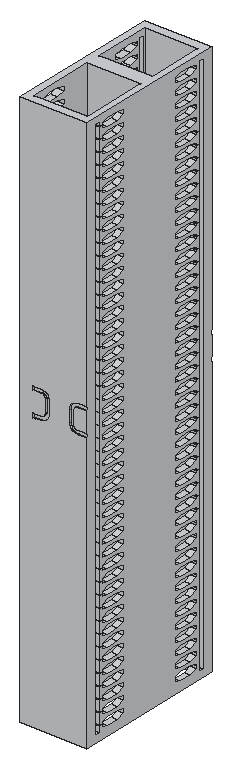
Revit family
Parameters
  Material ID = "760089367\r\n"
  Description = "Vertical Cable Management Kit, 10in X 84in (254mm X 2134mm) Double Sided, With Doors, Black"
Reference planes (in)
  plane 1 "Center (Front/Back)": y = 0
  plane 2: z = 0
  plane 3 "Center (Left/Right)": x = 0
Forms (in)
  Extrusion 1, void, not visible
    sketch origin (0, 0, 0) x (1, 0, 0) y (0, 0, 1)
      loop
        line (-7.85662, 0.48089) -> (-7.85662, -0.39002) -> (-7.67285, -0.39002) -> (-7.67285, -0.64002) -> (-7.0736, -0.64002) -> (-7.0736, -0.39002) -> (-6.92978, -0.39002) -> (-6.92978, 0.48089) -> (-7.85662, 0.48089)
    from -3.79215 to 12
  Extrusion 2, void, not visible
    sketch origin (0, 0, 0) x (1, 0, 0) y (0, 0, 1)
      loop
        line (-8.21397, 0.42583) -> (-8.21397, -0.07417) -> (-8.08657, -0.07417) -> (-8.08657, -0.27417) -> (-7.83657, -0.27417) -> (-7.83657, -0.07417) -> (-7.72497, -0.07417) -> (-7.72497, 0.42583) -> (-8.21397, 0.42583)
    from 0.74059 to 3.34334
  Extrusion 3, solid
    sketch origin (0, 0, 0) x (1, 0, 0) y (0, 0, 1)
      loop
        line (-6, 42) -> (-6, -42) -> (4, -42) -> (4, 42) -> (-6, 42)
    from 0 to 23.5
  Extrusion 4, void
    sketch origin (-5.59283, 0, 42) x (0, 1, 0) y (1, 0, 0)
      loop
        line (-1.5, 0.69283) -> (-1.5, 8.74283) -> (-10, 8.74283) -> (-10, 0.69283) -> (-1.5, 0.69283)
      loop
        line (-12.25, 0.69283) -> (-12.25, 8.74283) -> (-22.25, 8.74283) -> (-22.25, 0.69283) -> (-12.25, 0.69283)
    from 0 to 110
  Extrusion 5, void
    sketch origin (4, 0, 20.63333) x (0, 0, 1) y (0, 1, 0)
      loop
        line (-61.63333, -2.51) -> (20.53667, -2.51) -> (20.53667, -1.54) -> (-61.63333, -1.54) -> (-61.63333, -2.51)
      loop
        line (-61.63333, -20.99) -> (-61.63333, -21.96) -> (20.53667, -21.96) -> (20.53667, -20.99) -> (-61.63333, -20.99)
    from 0 to 12
  Extrusion 6, void
    sketch origin (4, 0, 20.63333) x (0, 0, 1) y (0, 1, 0)
      loop
        line (20.18661, -6.98) -> (20.53667, -5.835) -> (20.53667, -4.905) -> (20.53667, -3.975) -> (20.18661, -2.83) -> (19.91167, -2.83) -> (19.91167, -2.2587) -> (19.81167, -2.2587) -> (19.81167, -2.83) -> (19.53673, -2.83) -> (19.18667, -3.975) -> (19.18667, -5.835) -> (19.53673, -6.98) -> (20.18661, -6.98)
      loop
        line (18.43661, -6.98) -> (18.78667, -5.835) -> (18.78667, -4.905) -> (18.78667, -3.975) -> (18.43661, -2.83) -> (18.16167, -2.83) -> (18.16167, -2.2587) -> (18.06167, -2.2587) -> (18.06167, -2.83) -> (17.78673, -2.83) -> (17.43667, -3.975) -> (17.43667, -5.835) -> (17.78673, -6.98) -> (18.43661, -6.98)
      loop
        line (16.68661, -6.98) -> (17.03667, -5.835) -> (17.03667, -4.905) -> (17.03667, -3.975) -> (16.68661, -2.83) -> (16.41167, -2.83) -> (16.41167, -2.2587) -> (16.31167, -2.2587) -> (16.31167, -2.83) -> (16.03673, -2.83) -> (15.68667, -3.975) -> (15.68667, -5.835) -> (16.03673, -6.98) -> (16.68661, -6.98)
      loop
        line (14.93661, -6.98) -> (15.28667, -5.835) -> (15.28667, -4.905) -> (15.28667, -3.975) -> (14.93661, -2.83) -> (14.66167, -2.83) -> (14.66167, -2.2587) -> (14.56167, -2.2587) -> (14.56167, -2.83) -> (14.28673, -2.83) -> (13.93667, -3.975) -> (13.93667, -5.835) -> (14.28673, -6.98) -> (14.93661, -6.98)
      loop
        line (13.18661, -6.98) -> (13.53667, -5.835) -> (13.53667, -4.905) -> (13.53667, -3.975) -> (13.18661, -2.83) -> (12.91167, -2.83) -> (12.91167, -2.2587) -> (12.81167, -2.2587) -> (12.81167, -2.83) -> (12.53673, -2.83) -> (12.18667, -3.975) -> (12.18667, -5.835) -> (12.53673, -6.98) -> (13.18661, -6.98)
      loop
        line (11.43661, -6.98) -> (11.78667, -5.835) -> (11.78667, -4.905) -> (11.78667, -3.975) -> (11.43661, -2.83) -> (11.16167, -2.83) -> (11.16167, -2.2587) -> (11.06167, -2.2587) -> (11.06167, -2.83) -> (10.78673, -2.83) -> (10.43667, -3.975) -> (10.43667, -5.835) -> (10.78673, -6.98) -> (11.43661, -6.98)
      loop
        line (9.68661, -6.98) -> (10.03667, -5.835) -> (10.03667, -4.905) -> (10.03667, -3.975) -> (9.68661, -2.83) -> (9.41167, -2.83) -> (9.41167, -2.2587) -> (9.31167, -2.2587) -> (9.31167, -2.83) -> (9.03673, -2.83) -> (8.68667, -3.975) -> (8.68667, -5.835) -> (9.03673, -6.98) -> (9.68661, -6.98)
      loop
        line (7.93661, -6.98) -> (8.28667, -5.835) -> (8.28667, -4.905) -> (8.28667, -3.975) -> (7.93661, -2.83) -> (7.66167, -2.83) -> (7.66167, -2.2587) -> (7.56167, -2.2587) -> (7.56167, -2.83) -> (7.28673, -2.83) -> (6.93667, -3.975) -> (6.93667, -5.835) -> (7.28673, -6.98) -> (7.93661, -6.98)
      loop
        line (6.18661, -6.98) -> (6.53667, -5.835) -> (6.53667, -4.905) -> (6.53667, -3.975) -> (6.18661, -2.83) -> (5.91167, -2.83) -> (5.91167, -2.2587) -> (5.81167, -2.2587) -> (5.81167, -2.83) -> (5.53673, -2.83) -> (5.18667, -3.975) -> (5.18667, -5.835) -> (5.53673, -6.98) -> (6.18661, -6.98)
      loop
        line (4.43661, -6.98) -> (4.78667, -5.835) -> (4.78667, -4.905) -> (4.78667, -3.975) -> (4.43661, -2.83) -> (4.16167, -2.83) -> (4.16167, -2.2587) -> (4.06167, -2.2587) -> (4.06167, -2.83) -> (3.78673, -2.83) -> (3.43667, -3.975) -> (3.43667, -5.835) -> (3.78673, -6.98) -> (4.43661, -6.98)
      loop
        line (2.68661, -6.98) -> (3.03667, -5.835) -> (3.03667, -4.905) -> (3.03667, -3.975) -> (2.68661, -2.83) -> (2.41167, -2.83) -> (2.41167, -2.2587) -> (2.31167, -2.2587) -> (2.31167, -2.83) -> (2.03673, -2.83) -> (1.68667, -3.975) -> (1.68667, -5.835) -> (2.03673, -6.98) -> (2.68661, -6.98)
      loop
        line (0.93661, -6.98) -> (1.28667, -5.835) -> (1.28667, -4.905) -> (1.28667, -3.975) -> (0.93661, -2.83) -> (0.66167, -2.83) -> (0.66167, -2.2587) -> (0.56167, -2.2587) -> (0.56167, -2.83) -> (0.28673, -2.83) -> (-0.06333, -3.975) -> (-0.06333, -5.835) -> (0.28673, -6.98) -> (0.93661, -6.98)
      loop
        line (-0.81339, -6.98) -> (-0.46333, -5.835) -> (-0.46333, -4.905) -> (-0.46333, -3.975) -> (-0.81339, -2.83) -> (-1.08833, -2.83) -> (-1.08833, -2.2587) -> (-1.18833, -2.2587) -> (-1.18833, -2.83) -> (-1.46327, -2.83) -> (-1.81333, -3.975) -> (-1.81333, -5.835) -> (-1.46327, -6.98) -> (-0.81339, -6.98)
      loop
        line (-2.56339, -6.98) -> (-2.21333, -5.835) -> (-2.21333, -4.905) -> (-2.21333, -3.975) -> (-2.56339, -2.83) -> (-2.83833, -2.83) -> (-2.83833, -2.2587) -> (-2.93833, -2.2587) -> (-2.93833, -2.83) -> (-3.21327, -2.83) -> (-3.56333, -3.975) -> (-3.56333, -5.835) -> (-3.21327, -6.98) -> (-2.56339, -6.98)
      loop
        line (-4.31339, -6.98) -> (-3.96333, -5.835) -> (-3.96333, -4.905) -> (-3.96333, -3.975) -> (-4.31339, -2.83) -> (-4.58833, -2.83) -> (-4.58833, -2.2587) -> (-4.68833, -2.2587) -> (-4.68833, -2.83) -> (-4.96327, -2.83) -> (-5.31333, -3.975) -> (-5.31333, -5.835) -> (-4.96327, -6.98) -> (-4.31339, -6.98)
      loop
        line (-6.06339, -6.98) -> (-5.71333, -5.835) -> (-5.71333, -4.905) -> (-5.71333, -3.975) -> (-6.06339, -2.83) -> (-6.33833, -2.83) -> (-6.33833, -2.2587) -> (-6.43833, -2.2587) -> (-6.43833, -2.83) -> (-6.71327, -2.83) -> (-7.06333, -3.975) -> (-7.06333, -5.835) -> (-6.71327, -6.98) -> (-6.06339, -6.98)
      loop
        line (-7.81339, -6.98) -> (-7.46333, -5.835) -> (-7.46333, -4.905) -> (-7.46333, -3.975) -> (-7.81339, -2.83) -> (-8.08833, -2.83) -> (-8.08833, -2.2587) -> (-8.18833, -2.2587) -> (-8.18833, -2.83) -> (-8.46327, -2.83) -> (-8.81333, -3.975) -> (-8.81333, -5.835) -> (-8.46327, -6.98) -> (-7.81339, -6.98)
      loop
        line (-9.56339, -6.98) -> (-9.21333, -5.835) -> (-9.21333, -4.905) -> (-9.21333, -3.975) -> (-9.56339, -2.83) -> (-9.83833, -2.83) -> (-9.83833, -2.2587) -> (-9.93833, -2.2587) -> (-9.93833, -2.83) -> (-10.21327, -2.83) -> (-10.56333, -3.975) -> (-10.56333, -5.835) -> (-10.21327, -6.98) -> (-9.56339, -6.98)
      loop
        line (-11.31339, -6.98) -> (-10.96333, -5.835) -> (-10.96333, -4.905) -> (-10.96333, -3.975) -> (-11.31339, -2.83) -> (-11.58833, -2.83) -> (-11.58833, -2.2587) -> (-11.68833, -2.2587) -> (-11.68833, -2.83) -> (-11.96327, -2.83) -> (-12.31333, -3.975) -> (-12.31333, -5.835) -> (-11.96327, -6.98) -> (-11.31339, -6.98)
      loop
        line (-13.06339, -6.98) -> (-12.71333, -5.835) -> (-12.71333, -4.905) -> (-12.71333, -3.975) -> (-13.06339, -2.83) -> (-13.33833, -2.83) -> (-13.33833, -2.2587) -> (-13.43833, -2.2587) -> (-13.43833, -2.83) -> (-13.71327, -2.83) -> (-14.06333, -3.975) -> (-14.06333, -5.835) -> (-13.71327, -6.98) -> (-13.06339, -6.98)
      loop
        line (-14.81339, -6.98) -> (-14.46333, -5.835) -> (-14.46333, -4.905) -> (-14.46333, -3.975) -> (-14.81339, -2.83) -> (-15.08833, -2.83) -> (-15.08833, -2.2587) -> (-15.18833, -2.2587) -> (-15.18833, -2.83) -> (-15.46327, -2.83) -> (-15.81333, -3.975) -> (-15.81333, -5.835) -> (-15.46327, -6.98) -> (-14.81339, -6.98)
      loop
        line (-16.56339, -6.98) -> (-16.21333, -5.835) -> (-16.21333, -4.905) -> (-16.21333, -3.975) -> (-16.56339, -2.83) -> (-16.83833, -2.83) -> (-16.83833, -2.2587) -> (-16.93833, -2.2587) -> (-16.93833, -2.83) -> (-17.21327, -2.83) -> (-17.56333, -3.975) -> (-17.56333, -5.835) -> (-17.21327, -6.98) -> (-16.56339, -6.98)
      loop
        line (-18.31339, -6.98) -> (-17.96333, -5.835) -> (-17.96333, -4.905) -> (-17.96333, -3.975) -> (-18.31339, -2.83) -> (-18.58833, -2.83) -> (-18.58833, -2.2587) -> (-18.68833, -2.2587) -> (-18.68833, -2.83) -> (-18.96327, -2.83) -> (-19.31333, -3.975) -> (-19.31333, -5.835) -> (-18.96327, -6.98) -> (-18.31339, -6.98)
      loop
        line (-20.06339, -6.98) -> (-19.71333, -5.835) -> (-19.71333, -4.905) -> (-19.71333, -3.975) -> (-20.06339, -2.83) -> (-20.33833, -2.83) -> (-20.33833, -2.2587) -> (-20.43833, -2.2587) -> (-20.43833, -2.83) -> (-20.71327, -2.83) -> (-21.06333, -3.975) -> (-21.06333, -5.835) -> (-20.71327, -6.98) -> (-20.06339, -6.98)
      loop
        line (-21.81339, -6.98) -> (-21.46333, -5.835) -> (-21.46333, -4.905) -> (-21.46333, -3.975) -> (-21.81339, -2.83) -> (-22.08833, -2.83) -> (-22.08833, -2.2587) -> (-22.18833, -2.2587) -> (-22.18833, -2.83) -> (-22.46327, -2.83) -> (-22.81333, -3.975) -> (-22.81333, -5.835) -> (-22.46327, -6.98) -> (-21.81339, -6.98)
      loop
        line (-23.56339, -6.98) -> (-23.21333, -5.835) -> (-23.21333, -4.905) -> (-23.21333, -3.975) -> (-23.56339, -2.83) -> (-23.83833, -2.83) -> (-23.83833, -2.2587) -> (-23.93833, -2.2587) -> (-23.93833, -2.83) -> (-24.21327, -2.83) -> (-24.56333, -3.975) -> (-24.56333, -5.835) -> (-24.21327, -6.98) -> (-23.56339, -6.98)
      loop
        line (-25.31339, -6.98) -> (-24.96333, -5.835) -> (-24.96333, -4.905) -> (-24.96333, -3.975) -> (-25.31339, -2.83) -> (-25.58833, -2.83) -> (-25.58833, -2.2587) -> (-25.68833, -2.2587) -> (-25.68833, -2.83) -> (-25.96327, -2.83) -> (-26.31333, -3.975) -> (-26.31333, -5.835) -> (-25.96327, -6.98) -> (-25.31339, -6.98)
      loop
        line (-27.06339, -6.98) -> (-26.71333, -5.835) -> (-26.71333, -4.905) -> (-26.71333, -3.975) -> (-27.06339, -2.83) -> (-27.33833, -2.83) -> (-27.33833, -2.2587) -> (-27.43833, -2.2587) -> (-27.43833, -2.83) -> (-27.71327, -2.83) -> (-28.06333, -3.975) -> (-28.06333, -5.835) -> (-27.71327, -6.98) -> (-27.06339, -6.98)
      loop
        line (-28.81339, -6.98) -> (-28.46333, -5.835) -> (-28.46333, -4.905) -> (-28.46333, -3.975) -> (-28.81339, -2.83) -> (-29.08833, -2.83) -> (-29.08833, -2.2587) -> (-29.18833, -2.2587) -> (-29.18833, -2.83) -> (-29.46327, -2.83) -> (-29.81333, -3.975) -> (-29.81333, -5.835) -> (-29.46327, -6.98) -> (-28.81339, -6.98)
      loop
        line (-30.56339, -6.98) -> (-30.21333, -5.835) -> (-30.21333, -4.905) -> (-30.21333, -3.975) -> (-30.56339, -2.83) -> (-30.83833, -2.83) -> (-30.83833, -2.2587) -> (-30.93833, -2.2587) -> (-30.93833, -2.83) -> (-31.21327, -2.83) -> (-31.56333, -3.975) -> (-31.56333, -5.835) -> (-31.21327, -6.98) -> (-30.56339, -6.98)
      loop
        line (-32.31339, -6.98) -> (-31.96333, -5.835) -> (-31.96333, -4.905) -> (-31.96333, -3.975) -> (-32.31339, -2.83) -> (-32.58833, -2.83) -> (-32.58833, -2.2587) -> (-32.68833, -2.2587) -> (-32.68833, -2.83) -> (-32.96327, -2.83) -> (-33.31333, -3.975) -> (-33.31333, -5.835) -> (-32.96327, -6.98) -> (-32.31339, -6.98)
      loop
        line (-34.06339, -6.98) -> (-33.71333, -5.835) -> (-33.71333, -4.905) -> (-33.71333, -3.975) -> (-34.06339, -2.83) -> (-34.33833, -2.83) -> (-34.33833, -2.2587) -> (-34.43833, -2.2587) -> (-34.43833, -2.83) -> (-34.71327, -2.83) -> (-35.06333, -3.975) -> (-35.06333, -5.835) -> (-34.71327, -6.98) -> (-34.06339, -6.98)
      loop
        line (-35.81339, -6.98) -> (-35.46333, -5.835) -> (-35.46333, -4.905) -> (-35.46333, -3.975) -> (-35.81339, -2.83) -> (-36.08833, -2.83) -> (-36.08833, -2.2587) -> (-36.18833, -2.2587) -> (-36.18833, -2.83) -> (-36.46327, -2.83) -> (-36.81333, -3.975) -> (-36.81333, -5.835) -> (-36.46327, -6.98) -> (-35.81339, -6.98)
      loop
        line (-37.56339, -6.98) -> (-37.21333, -5.835) -> (-37.21333, -4.905) -> (-37.21333, -3.975) -> (-37.56339, -2.83) -> (-37.83833, -2.83) -> (-37.83833, -2.2587) -> (-37.93833, -2.2587) -> (-37.93833, -2.83) -> (-38.21327, -2.83) -> (-38.56333, -3.975) -> (-38.56333, -5.835) -> (-38.21327, -6.98) -> (-37.56339, -6.98)
      loop
        line (-39.31339, -6.98) -> (-38.96333, -5.835) -> (-38.96333, -4.905) -> (-38.96333, -3.975) -> (-39.31339, -2.83) -> (-39.58833, -2.83) -> (-39.58833, -2.2587) -> (-39.68833, -2.2587) -> (-39.68833, -2.83) -> (-39.96327, -2.83) -> (-40.31333, -3.975) -> (-40.31333, -5.835) -> (-39.96327, -6.98) -> (-39.31339, -6.98)
      loop
        line (-41.06339, -6.98) -> (-40.71333, -5.835) -> (-40.71333, -4.905) -> (-40.71333, -3.975) -> (-41.06339, -2.83) -> (-41.33833, -2.83) -> (-41.33833, -2.2587) -> (-41.43833, -2.2587) -> (-41.43833, -2.83) -> (-41.71327, -2.83) -> (-42.06333, -3.975) -> (-42.06333, -5.835) -> (-41.71327, -6.98) -> (-41.06339, -6.98)
      loop
        line (-42.81339, -6.98) -> (-42.46333, -5.835) -> (-42.46333, -4.905) -> (-42.46333, -3.975) -> (-42.81339, -2.83) -> (-43.08833, -2.83) -> (-43.08833, -2.2587) -> (-43.18833, -2.2587) -> (-43.18833, -2.83) -> (-43.46327, -2.83) -> (-43.81333, -3.975) -> (-43.81333, -5.835) -> (-43.46327, -6.98) -> (-42.81339, -6.98)
      loop
        line (-44.56339, -6.98) -> (-44.21333, -5.835) -> (-44.21333, -4.905) -> (-44.21333, -3.975) -> (-44.56339, -2.83) -> (-44.83833, -2.83) -> (-44.83833, -2.2587) -> (-44.93833, -2.2587) -> (-44.93833, -2.83) -> (-45.21327, -2.83) -> (-45.56333, -3.975) -> (-45.56333, -5.835) -> (-45.21327, -6.98) -> (-44.56339, -6.98)
      loop
        line (-46.31339, -6.98) -> (-45.96333, -5.835) -> (-45.96333, -4.905) -> (-45.96333, -3.975) -> (-46.31339, -2.83) -> (-46.58833, -2.83) -> (-46.58833, -2.2587) -> (-46.68833, -2.2587) -> (-46.68833, -2.83) -> (-46.96327, -2.83) -> (-47.31333, -3.975) -> (-47.31333, -5.835) -> (-46.96327, -6.98) -> (-46.31339, -6.98)
      loop
        line (-48.06339, -6.98) -> (-47.71333, -5.835) -> (-47.71333, -4.905) -> (-47.71333, -3.975) -> (-48.06339, -2.83) -> (-48.33833, -2.83) -> (-48.33833, -2.2587) -> (-48.43833, -2.2587) -> (-48.43833, -2.83) -> (-48.71327, -2.83) -> (-49.06333, -3.975) -> (-49.06333, -5.835) -> (-48.71327, -6.98) -> (-48.06339, -6.98)
      loop
        line (-49.81339, -6.98) -> (-49.46333, -5.835) -> (-49.46333, -4.905) -> (-49.46333, -3.975) -> (-49.81339, -2.83) -> (-50.08833, -2.83) -> (-50.08833, -2.2587) -> (-50.18833, -2.2587) -> (-50.18833, -2.83) -> (-50.46327, -2.83) -> (-50.81333, -3.975) -> (-50.81333, -5.835) -> (-50.46327, -6.98) -> (-49.81339, -6.98)
      loop
        line (-51.56339, -6.98) -> (-51.21333, -5.835) -> (-51.21333, -4.905) -> (-51.21333, -3.975) -> (-51.56339, -2.83) -> (-51.83833, -2.83) -> (-51.83833, -2.2587) -> (-51.93833, -2.2587) -> (-51.93833, -2.83) -> (-52.21327, -2.83) -> (-52.56333, -3.975) -> (-52.56333, -5.835) -> (-52.21327, -6.98) -> (-51.56339, -6.98)
      loop
        line (-53.31339, -6.98) -> (-52.96333, -5.835) -> (-52.96333, -4.905) -> (-52.96333, -3.975) -> (-53.31339, -2.83) -> (-53.58833, -2.83) -> (-53.58833, -2.2587) -> (-53.68833, -2.2587) -> (-53.68833, -2.83) -> (-53.96327, -2.83) -> (-54.31333, -3.975) -> (-54.31333, -5.835) -> (-53.96327, -6.98) -> (-53.31339, -6.98)
      loop
        line (-55.06339, -6.98) -> (-54.71333, -5.835) -> (-54.71333, -4.905) -> (-54.71333, -3.975) -> (-55.06339, -2.83) -> (-55.33833, -2.83) -> (-55.33833, -2.2587) -> (-55.43833, -2.2587) -> (-55.43833, -2.83) -> (-55.71327, -2.83) -> (-56.06333, -3.975) -> (-56.06333, -5.835) -> (-55.71327, -6.98) -> (-55.06339, -6.98)
      loop
        line (-56.81339, -6.98) -> (-56.46333, -5.835) -> (-56.46333, -4.905) -> (-56.46333, -3.975) -> (-56.81339, -2.83) -> (-57.08833, -2.83) -> (-57.08833, -2.2587) -> (-57.18833, -2.2587) -> (-57.18833, -2.83) -> (-57.46327, -2.83) -> (-57.81333, -3.975) -> (-57.81333, -5.835) -> (-57.46327, -6.98) -> (-56.81339, -6.98)
      loop
        line (-58.56339, -6.98) -> (-58.21333, -5.835) -> (-58.21333, -4.905) -> (-58.21333, -3.975) -> (-58.56339, -2.83) -> (-58.83833, -2.83) -> (-58.83833, -2.2587) -> (-58.93833, -2.2587) -> (-58.93833, -2.83) -> (-59.21327, -2.83) -> (-59.56333, -3.975) -> (-59.56333, -5.835) -> (-59.21327, -6.98) -> (-58.56339, -6.98)
      loop
        line (-60.31339, -6.98) -> (-59.96333, -5.835) -> (-59.96333, -4.905) -> (-59.96333, -3.975) -> (-60.31339, -2.83) -> (-60.58833, -2.83) -> (-60.58833, -2.2587) -> (-60.68833, -2.2587) -> (-60.68833, -2.83) -> (-60.96327, -2.83) -> (-61.31333, -3.975) -> (-61.31333, -5.835) -> (-60.96327, -6.98) -> (-60.31339, -6.98)
      loop
        line (20.18661, -16.52) -> (19.53673, -16.52) -> (19.18667, -17.665) -> (19.18667, -19.525) -> (19.53673, -20.67) -> (19.81167, -20.67) -> (19.81167, -21.2413) -> (19.91167, -21.2413) -> (19.91167, -20.67) -> (20.18661, -20.67) -> (20.53667, -19.525) -> (20.53667, -18.595) -> (20.53667, -17.665) -> (20.18661, -16.52)
      loop
        line (18.43661, -16.52) -> (17.78673, -16.52) -> (17.43667, -17.665) -> (17.43667, -19.525) -> (17.78673, -20.67) -> (18.06167, -20.67) -> (18.06167, -21.2413) -> (18.16167, -21.2413) -> (18.16167, -20.67) -> (18.43661, -20.67) -> (18.78667, -19.525) -> (18.78667, -18.595) -> (18.78667, -17.665) -> (18.43661, -16.52)
      loop
        line (16.68661, -16.52) -> (16.03673, -16.52) -> (15.68667, -17.665) -> (15.68667, -19.525) -> (16.03673, -20.67) -> (16.31167, -20.67) -> (16.31167, -21.2413) -> (16.41167, -21.2413) -> (16.41167, -20.67) -> (16.68661, -20.67) -> (17.03667, -19.525) -> (17.03667, -18.595) -> (17.03667, -17.665) -> (16.68661, -16.52)
      loop
        line (14.93661, -16.52) -> (14.28673, -16.52) -> (13.93667, -17.665) -> (13.93667, -19.525) -> (14.28673, -20.67) -> (14.56167, -20.67) -> (14.56167, -21.2413) -> (14.66167, -21.2413) -> (14.66167, -20.67) -> (14.93661, -20.67) -> (15.28667, -19.525) -> (15.28667, -18.595) -> (15.28667, -17.665) -> (14.93661, -16.52)
      loop
        line (13.18661, -16.52) -> (12.53673, -16.52) -> (12.18667, -17.665) -> (12.18667, -19.525) -> (12.53673, -20.67) -> (12.81167, -20.67) -> (12.81167, -21.2413) -> (12.91167, -21.2413) -> (12.91167, -20.67) -> (13.18661, -20.67) -> (13.53667, -19.525) -> (13.53667, -18.595) -> (13.53667, -17.665) -> (13.18661, -16.52)
      loop
        line (11.43661, -16.52) -> (10.78673, -16.52) -> (10.43667, -17.665) -> (10.43667, -19.525) -> (10.78673, -20.67) -> (11.06167, -20.67) -> (11.06167, -21.2413) -> (11.16167, -21.2413) -> (11.16167, -20.67) -> (11.43661, -20.67) -> (11.78667, -19.525) -> (11.78667, -18.595) -> (11.78667, -17.665) -> (11.43661, -16.52)
      loop
        line (9.68661, -16.52) -> (9.03673, -16.52) -> (8.68667, -17.665) -> (8.68667, -19.525) -> (9.03673, -20.67) -> (9.31167, -20.67) -> (9.31167, -21.2413) -> (9.41167, -21.2413) -> (9.41167, -20.67) -> (9.68661, -20.67) -> (10.03667, -19.525) -> (10.03667, -18.595) -> (10.03667, -17.665) -> (9.68661, -16.52)
      loop
        line (7.93661, -16.52) -> (7.28673, -16.52) -> (6.93667, -17.665) -> (6.93667, -19.525) -> (7.28673, -20.67) -> (7.56167, -20.67) -> (7.56167, -21.2413) -> (7.66167, -21.2413) -> (7.66167, -20.67) -> (7.93661, -20.67) -> (8.28667, -19.525) -> (8.28667, -18.595) -> (8.28667, -17.665) -> (7.93661, -16.52)
      loop
        line (6.18661, -16.52) -> (5.53673, -16.52) -> (5.18667, -17.665) -> (5.18667, -19.525) -> (5.53673, -20.67) -> (5.81167, -20.67) -> (5.81167, -21.2413) -> (5.91167, -21.2413) -> (5.91167, -20.67) -> (6.18661, -20.67) -> (6.53667, -19.525) -> (6.53667, -18.595) -> (6.53667, -17.665) -> (6.18661, -16.52)
      loop
        line (4.43661, -16.52) -> (3.78673, -16.52) -> (3.43667, -17.665) -> (3.43667, -19.525) -> (3.78673, -20.67) -> (4.06167, -20.67) -> (4.06167, -21.2413) -> (4.16167, -21.2413) -> (4.16167, -20.67) -> (4.43661, -20.67) -> (4.78667, -19.525) -> (4.78667, -18.595) -> (4.78667, -17.665) -> (4.43661, -16.52)
      loop
        line (2.68661, -16.52) -> (2.03673, -16.52) -> (1.68667, -17.665) -> (1.68667, -19.525) -> (2.03673, -20.67) -> (2.31167, -20.67) -> (2.31167, -21.2413) -> (2.41167, -21.2413) -> (2.41167, -20.67) -> (2.68661, -20.67) -> (3.03667, -19.525) -> (3.03667, -18.595) -> (3.03667, -17.665) -> (2.68661, -16.52)
      loop
        line (0.93661, -16.52) -> (0.28673, -16.52) -> (-0.06333, -17.665) -> (-0.06333, -19.525) -> (0.28673, -20.67) -> (0.56167, -20.67) -> (0.56167, -21.2413) -> (0.66167, -21.2413) -> (0.66167, -20.67) -> (0.93661, -20.67) -> (1.28667, -19.525) -> (1.28667, -18.595) -> (1.28667, -17.665) -> (0.93661, -16.52)
      loop
        line (-0.81339, -16.52) -> (-1.46327, -16.52) -> (-1.81333, -17.665) -> (-1.81333, -19.525) -> (-1.46327, -20.67) -> (-1.18833, -20.67) -> (-1.18833, -21.2413) -> (-1.08833, -21.2413) -> (-1.08833, -20.67) -> (-0.81339, -20.67) -> (-0.46333, -19.525) -> (-0.46333, -18.595) -> (-0.46333, -17.665) -> (-0.81339, -16.52)
      loop
        line (-2.56339, -16.52) -> (-3.21327, -16.52) -> (-3.56333, -17.665) -> (-3.56333, -19.525) -> (-3.21327, -20.67) -> (-2.93833, -20.67) -> (-2.93833, -21.2413) -> (-2.83833, -21.2413) -> (-2.83833, -20.67) -> (-2.56339, -20.67) -> (-2.21333, -19.525) -> (-2.21333, -18.595) -> (-2.21333, -17.665) -> (-2.56339, -16.52)
      loop
        line (-4.31339, -16.52) -> (-4.96327, -16.52) -> (-5.31333, -17.665) -> (-5.31333, -19.525) -> (-4.96327, -20.67) -> (-4.68833, -20.67) -> (-4.68833, -21.2413) -> (-4.58833, -21.2413) -> (-4.58833, -20.67) -> (-4.31339, -20.67) -> (-3.96333, -19.525) -> (-3.96333, -18.595) -> (-3.96333, -17.665) -> (-4.31339, -16.52)
      loop
        line (-6.06339, -16.52) -> (-6.71327, -16.52) -> (-7.06333, -17.665) -> (-7.06333, -19.525) -> (-6.71327, -20.67) -> (-6.43833, -20.67) -> (-6.43833, -21.2413) -> (-6.33833, -21.2413) -> (-6.33833, -20.67) -> (-6.06339, -20.67) -> (-5.71333, -19.525) -> (-5.71333, -18.595) -> (-5.71333, -17.665) -> (-6.06339, -16.52)
      loop
        line (-7.81339, -16.52) -> (-8.46327, -16.52) -> (-8.81333, -17.665) -> (-8.81333, -19.525) -> (-8.46327, -20.67) -> (-8.18833, -20.67) -> (-8.18833, -21.2413) -> (-8.08833, -21.2413) -> (-8.08833, -20.67) -> (-7.81339, -20.67) -> (-7.46333, -19.525) -> (-7.46333, -18.595) -> (-7.46333, -17.665) -> (-7.81339, -16.52)
      loop
        line (-9.56339, -16.52) -> (-10.21327, -16.52) -> (-10.56333, -17.665) -> (-10.56333, -19.525) -> (-10.21327, -20.67) -> (-9.93833, -20.67) -> (-9.93833, -21.2413) -> (-9.83833, -21.2413) -> (-9.83833, -20.67) -> (-9.56339, -20.67) -> (-9.21333, -19.525) -> (-9.21333, -18.595) -> (-9.21333, -17.665) -> (-9.56339, -16.52)
      loop
        line (-11.31339, -16.52) -> (-11.96327, -16.52) -> (-12.31333, -17.665) -> (-12.31333, -19.525) -> (-11.96327, -20.67) -> (-11.68833, -20.67) -> (-11.68833, -21.2413) -> (-11.58833, -21.2413) -> (-11.58833, -20.67) -> (-11.31339, -20.67) -> (-10.96333, -19.525) -> (-10.96333, -18.595) -> (-10.96333, -17.665) -> (-11.31339, -16.52)
      loop
        line (-13.06339, -16.52) -> (-13.71327, -16.52) -> (-14.06333, -17.665) -> (-14.06333, -19.525) -> (-13.71327, -20.67) -> (-13.43833, -20.67) -> (-13.43833, -21.2413) -> (-13.33833, -21.2413) -> (-13.33833, -20.67) -> (-13.06339, -20.67) -> (-12.71333, -19.525) -> (-12.71333, -18.595) -> (-12.71333, -17.665) -> (-13.06339, -16.52)
      loop
        line (-14.81339, -16.52) -> (-15.46327, -16.52) -> (-15.81333, -17.665) -> (-15.81333, -19.525) -> (-15.46327, -20.67) -> (-15.18833, -20.67) -> (-15.18833, -21.2413) -> (-15.08833, -21.2413) -> (-15.08833, -20.67) -> (-14.81339, -20.67) -> (-14.46333, -19.525) -> (-14.46333, -18.595) -> (-14.46333, -17.665) -> (-14.81339, -16.52)
      loop
        line (-16.56339, -16.52) -> (-17.21327, -16.52) -> (-17.56333, -17.665) -> (-17.56333, -19.525) -> (-17.21327, -20.67) -> (-16.93833, -20.67) -> (-16.93833, -21.2413) -> (-16.83833, -21.2413) -> (-16.83833, -20.67) -> (-16.56339, -20.67) -> (-16.21333, -19.525) -> (-16.21333, -18.595) -> (-16.21333, -17.665) -> (-16.56339, -16.52)
      loop
        line (-18.31339, -16.52) -> (-18.96327, -16.52) -> (-19.31333, -17.665) -> (-19.31333, -19.525) -> (-18.96327, -20.67) -> (-18.68833, -20.67) -> (-18.68833, -21.2413) -> (-18.58833, -21.2413) -> (-18.58833, -20.67) -> (-18.31339, -20.67) -> (-17.96333, -19.525) -> (-17.96333, -18.595) -> (-17.96333, -17.665) -> (-18.31339, -16.52)
      loop
        line (-20.06339, -16.52) -> (-20.71327, -16.52) -> (-21.06333, -17.665) -> (-21.06333, -19.525) -> (-20.71327, -20.67) -> (-20.43833, -20.67) -> (-20.43833, -21.2413) -> (-20.33833, -21.2413) -> (-20.33833, -20.67) -> (-20.06339, -20.67) -> (-19.71333, -19.525) -> (-19.71333, -18.595) -> (-19.71333, -17.665) -> (-20.06339, -16.52)
      loop
        line (-21.81339, -16.52) -> (-22.46327, -16.52) -> (-22.81333, -17.665) -> (-22.81333, -19.525) -> (-22.46327, -20.67) -> (-22.18833, -20.67) -> (-22.18833, -21.2413) -> (-22.08833, -21.2413) -> (-22.08833, -20.67) -> (-21.81339, -20.67) -> (-21.46333, -19.525) -> (-21.46333, -18.595) -> (-21.46333, -17.665) -> (-21.81339, -16.52)
      loop
        line (-23.56339, -16.52) -> (-24.21327, -16.52) -> (-24.56333, -17.665) -> (-24.56333, -19.525) -> (-24.21327, -20.67) -> (-23.93833, -20.67) -> (-23.93833, -21.2413) -> (-23.83833, -21.2413) -> (-23.83833, -20.67) -> (-23.56339, -20.67) -> (-23.21333, -19.525) -> (-23.21333, -18.595) -> (-23.21333, -17.665) -> (-23.56339, -16.52)
      loop
        line (-25.31339, -16.52) -> (-25.96327, -16.52) -> (-26.31333, -17.665) -> (-26.31333, -19.525) -> (-25.96327, -20.67) -> (-25.68833, -20.67) -> (-25.68833, -21.2413) -> (-25.58833, -21.2413) -> (-25.58833, -20.67) -> (-25.31339, -20.67) -> (-24.96333, -19.525) -> (-24.96333, -18.595) -> (-24.96333, -17.665) -> (-25.31339, -16.52)
      loop
        line (-27.06339, -16.52) -> (-27.71327, -16.52) -> (-28.06333, -17.665) -> (-28.06333, -19.525) -> (-27.71327, -20.67) -> (-27.43833, -20.67) -> (-27.43833, -21.2413) -> (-27.33833, -21.2413) -> (-27.33833, -20.67) -> (-27.06339, -20.67) -> (-26.71333, -19.525) -> (-26.71333, -18.595) -> (-26.71333, -17.665) -> (-27.06339, -16.52)
      loop
        line (-28.81339, -16.52) -> (-29.46327, -16.52) -> (-29.81333, -17.665) -> (-29.81333, -19.525) -> (-29.46327, -20.67) -> (-29.18833, -20.67) -> (-29.18833, -21.2413) -> (-29.08833, -21.2413) -> (-29.08833, -20.67) -> (-28.81339, -20.67) -> (-28.46333, -19.525) -> (-28.46333, -18.595) -> (-28.46333, -17.665) -> (-28.81339, -16.52)
      loop
        line (-30.56339, -16.52) -> (-31.21327, -16.52) -> (-31.56333, -17.665) -> (-31.56333, -19.525) -> (-31.21327, -20.67) -> (-30.93833, -20.67) -> (-30.93833, -21.2413) -> (-30.83833, -21.2413) -> (-30.83833, -20.67) -> (-30.56339, -20.67) -> (-30.21333, -19.525) -> (-30.21333, -18.595) -> (-30.21333, -17.665) -> (-30.56339, -16.52)
      loop
        line (-32.31339, -16.52) -> (-32.96327, -16.52) -> (-33.31333, -17.665) -> (-33.31333, -19.525) -> (-32.96327, -20.67) -> (-32.68833, -20.67) -> (-32.68833, -21.2413) -> (-32.58833, -21.2413) -> (-32.58833, -20.67) -> (-32.31339, -20.67) -> (-31.96333, -19.525) -> (-31.96333, -18.595) -> (-31.96333, -17.665) -> (-32.31339, -16.52)
      loop
        line (-34.06339, -16.52) -> (-34.71327, -16.52) -> (-35.06333, -17.665) -> (-35.06333, -19.525) -> (-34.71327, -20.67) -> (-34.43833, -20.67) -> (-34.43833, -21.2413) -> (-34.33833, -21.2413) -> (-34.33833, -20.67) -> (-34.06339, -20.67) -> (-33.71333, -19.525) -> (-33.71333, -18.595) -> (-33.71333, -17.665) -> (-34.06339, -16.52)
      loop
        line (-35.81339, -16.52) -> (-36.46327, -16.52) -> (-36.81333, -17.665) -> (-36.81333, -19.525) -> (-36.46327, -20.67) -> (-36.18833, -20.67) -> (-36.18833, -21.2413) -> (-36.08833, -21.2413) -> (-36.08833, -20.67) -> (-35.81339, -20.67) -> (-35.46333, -19.525) -> (-35.46333, -18.595) -> (-35.46333, -17.665) -> (-35.81339, -16.52)
      loop
        line (-37.56339, -16.52) -> (-38.21327, -16.52) -> (-38.56333, -17.665) -> (-38.56333, -19.525) -> (-38.21327, -20.67) -> (-37.93833, -20.67) -> (-37.93833, -21.2413) -> (-37.83833, -21.2413) -> (-37.83833, -20.67) -> (-37.56339, -20.67) -> (-37.21333, -19.525) -> (-37.21333, -18.595) -> (-37.21333, -17.665) -> (-37.56339, -16.52)
      loop
        line (-39.31339, -16.52) -> (-39.96327, -16.52) -> (-40.31333, -17.665) -> (-40.31333, -19.525) -> (-39.96327, -20.67) -> (-39.68833, -20.67) -> (-39.68833, -21.2413) -> (-39.58833, -21.2413) -> (-39.58833, -20.67) -> (-39.31339, -20.67) -> (-38.96333, -19.525) -> (-38.96333, -18.595) -> (-38.96333, -17.665) -> (-39.31339, -16.52)
      loop
        line (-41.06339, -16.52) -> (-41.71327, -16.52) -> (-42.06333, -17.665) -> (-42.06333, -19.525) -> (-41.71327, -20.67) -> (-41.43833, -20.67) -> (-41.43833, -21.2413) -> (-41.33833, -21.2413) -> (-41.33833, -20.67) -> (-41.06339, -20.67) -> (-40.71333, -19.525) -> (-40.71333, -18.595) -> (-40.71333, -17.665) -> (-41.06339, -16.52)
      loop
        line (-42.81339, -16.52) -> (-43.46327, -16.52) -> (-43.81333, -17.665) -> (-43.81333, -19.525) -> (-43.46327, -20.67) -> (-43.18833, -20.67) -> (-43.18833, -21.2413) -> (-43.08833, -21.2413) -> (-43.08833, -20.67) -> (-42.81339, -20.67) -> (-42.46333, -19.525) -> (-42.46333, -18.595) -> (-42.46333, -17.665) -> (-42.81339, -16.52)
      loop
        line (-44.56339, -16.52) -> (-45.21327, -16.52) -> (-45.56333, -17.665) -> (-45.56333, -19.525) -> (-45.21327, -20.67) -> (-44.93833, -20.67) -> (-44.93833, -21.2413) -> (-44.83833, -21.2413) -> (-44.83833, -20.67) -> (-44.56339, -20.67) -> (-44.21333, -19.525) -> (-44.21333, -18.595) -> (-44.21333, -17.665) -> (-44.56339, -16.52)
      loop
        line (-46.31339, -16.52) -> (-46.96327, -16.52) -> (-47.31333, -17.665) -> (-47.31333, -19.525) -> (-46.96327, -20.67) -> (-46.68833, -20.67) -> (-46.68833, -21.2413) -> (-46.58833, -21.2413) -> (-46.58833, -20.67) -> (-46.31339, -20.67) -> (-45.96333, -19.525) -> (-45.96333, -18.595) -> (-45.96333, -17.665) -> (-46.31339, -16.52)
      loop
        line (-48.06339, -16.52) -> (-48.71327, -16.52) -> (-49.06333, -17.665) -> (-49.06333, -19.525) -> (-48.71327, -20.67) -> (-48.43833, -20.67) -> (-48.43833, -21.2413) -> (-48.33833, -21.2413) -> (-48.33833, -20.67) -> (-48.06339, -20.67) -> (-47.71333, -19.525) -> (-47.71333, -18.595) -> (-47.71333, -17.665) -> (-48.06339, -16.52)
      loop
        line (-49.81339, -16.52) -> (-50.46327, -16.52) -> (-50.81333, -17.665) -> (-50.81333, -19.525) -> (-50.46327, -20.67) -> (-50.18833, -20.67) -> (-50.18833, -21.2413) -> (-50.08833, -21.2413) -> (-50.08833, -20.67) -> (-49.81339, -20.67) -> (-49.46333, -19.525) -> (-49.46333, -18.595) -> (-49.46333, -17.665) -> (-49.81339, -16.52)
      loop
        line (-51.56339, -16.52) -> (-52.21327, -16.52) -> (-52.56333, -17.665) -> (-52.56333, -19.525) -> (-52.21327, -20.67) -> (-51.93833, -20.67) -> (-51.93833, -21.2413) -> (-51.83833, -21.2413) -> (-51.83833, -20.67) -> (-51.56339, -20.67) -> (-51.21333, -19.525) -> (-51.21333, -18.595) -> (-51.21333, -17.665) -> (-51.56339, -16.52)
      loop
        line (-53.31339, -16.52) -> (-53.96327, -16.52) -> (-54.31333, -17.665) -> (-54.31333, -19.525) -> (-53.96327, -20.67) -> (-53.68833, -20.67) -> (-53.68833, -21.2413) -> (-53.58833, -21.2413) -> (-53.58833, -20.67) -> (-53.31339, -20.67) -> (-52.96333, -19.525) -> (-52.96333, -18.595) -> (-52.96333, -17.665) -> (-53.31339, -16.52)
      loop
        line (-55.06339, -16.52) -> (-55.71327, -16.52) -> (-56.06333, -17.665) -> (-56.06333, -19.525) -> (-55.71327, -20.67) -> (-55.43833, -20.67) -> (-55.43833, -21.2413) -> (-55.33833, -21.2413) -> (-55.33833, -20.67) -> (-55.06339, -20.67) -> (-54.71333, -19.525) -> (-54.71333, -18.595) -> (-54.71333, -17.665) -> (-55.06339, -16.52)
      loop
        line (-56.81339, -16.52) -> (-57.46327, -16.52) -> (-57.81333, -17.665) -> (-57.81333, -19.525) -> (-57.46327, -20.67) -> (-57.18833, -20.67) -> (-57.18833, -21.2413) -> (-57.08833, -21.2413) -> (-57.08833, -20.67) -> (-56.81339, -20.67) -> (-56.46333, -19.525) -> (-56.46333, -18.595) -> (-56.46333, -17.665) -> (-56.81339, -16.52)
      loop
        line (-58.56339, -16.52) -> (-59.21327, -16.52) -> (-59.56333, -17.665) -> (-59.56333, -19.525) -> (-59.21327, -20.67) -> (-58.93833, -20.67) -> (-58.93833, -21.2413) -> (-58.83833, -21.2413) -> (-58.83833, -20.67) -> (-58.56339, -20.67) -> (-58.21333, -19.525) -> (-58.21333, -18.595) -> (-58.21333, -17.665) -> (-58.56339, -16.52)
      loop
        line (-60.31339, -16.52) -> (-60.96327, -16.52) -> (-61.31333, -17.665) -> (-61.31333, -19.525) -> (-60.96327, -20.67) -> (-60.68833, -20.67) -> (-60.68833, -21.2413) -> (-60.58833, -21.2413) -> (-60.58833, -20.67) -> (-60.31339, -20.67) -> (-59.96333, -19.525) -> (-59.96333, -18.595) -> (-59.96333, -17.665) -> (-60.31339, -16.52)
    from 0 to 12
  Extrusion 7, void
    sketch origin (0, -23.5, 0) x (-1, 0, 0) y (0, 0, 1)
      loop
        line (4, 3.95389) -> (2.73063, 3.95389)
        arc (2.73063, 3.95389) -> (1.86044, 3.59344) -> (1.5, 2.72326) r 1.23063
        line (1.5, 2.72326) -> (1.5, 0.89626)
        arc (1.5, 0.89626) -> (1.86026, 0.02652) -> (2.73, -0.33374) r 1.23
        line (2.73, -0.33374) -> (4, -0.33374) -> (4, 0.31626) -> (2.65, 0.31626)
        arc (2.65, 0.31626) -> (2.29645, 0.4627) -> (2.15, 0.81626) r 0.5
        line (2.15, 0.81626) -> (2.15, 2.80389)
        arc (2.15, 2.80389) -> (2.29645, 3.15744) -> (2.65, 3.30389) r 0.5
        line (2.65, 3.30389) -> (4, 3.30389) -> (4, 3.95389)
      loop
        line (-4, 3.95389) -> (-4, 3.30389) -> (-2.65, 3.30389)
        arc (-2.65, 3.30389) -> (-2.29645, 3.15744) -> (-2.15, 2.80389) r 0.5
        line (-2.15, 2.80389) -> (-2.15, 0.81626)
        arc (-2.15, 0.81626) -> (-2.29645, 0.4627) -> (-2.65, 0.31626) r 0.5
        line (-2.65, 0.31626) -> (-4, 0.31626) -> (-4, -0.33374) -> (-2.73, -0.33374)
        arc (-2.73, -0.33374) -> (-1.86026, 0.02652) -> (-1.5, 0.89626) r 1.23
        line (-1.5, 0.89626) -> (-1.5, 2.72326)
        arc (-1.5, 2.72326) -> (-1.86044, 3.59344) -> (-2.73063, 3.95389) r 1.23063
        line (-2.73063, 3.95389) -> (-4, 3.95389)
    from 0 to 0.2
  Extrusion 8, void
    sketch origin (0, 0, 0) x (-1, 0, 0) y (0, 0, -1)
      loop
        line (4, -3.95389) -> (4, -3.30389) -> (2.65, -3.30389)
        arc (2.65, -3.30389) -> (2.29645, -3.15744) -> (2.15, -2.80389) r 0.5
        line (2.15, -2.80389) -> (2.15, -0.81626)
        arc (2.15, -0.81626) -> (2.29645, -0.4627) -> (2.65, -0.31626) r 0.5
        line (2.65, -0.31626) -> (4, -0.31626) -> (4, 0.33374) -> (2.73, 0.33374)
        arc (2.73, 0.33374) -> (1.86026, -0.02652) -> (1.5, -0.89626) r 1.23
        line (1.5, -0.89626) -> (1.5, -2.72326)
        arc (1.5, -2.72326) -> (1.86044, -3.59344) -> (2.73063, -3.95389) r 1.23063
        line (2.73063, -3.95389) -> (4, -3.95389)
      loop
        line (-4, -3.95389) -> (-2.73063, -3.95389)
        arc (-2.73063, -3.95389) -> (-1.86044, -3.59344) -> (-1.5, -2.72326) r 1.23063
        line (-1.5, -2.72326) -> (-1.5, -0.89626)
        arc (-1.5, -0.89626) -> (-1.86026, -0.02652) -> (-2.73, 0.33374) r 1.23
        line (-2.73, 0.33374) -> (-4, 0.33374) -> (-4, -0.31626) -> (-2.65, -0.31626)
        arc (-2.65, -0.31626) -> (-2.29645, -0.4627) -> (-2.15, -0.81626) r 0.5
        line (-2.15, -0.81626) -> (-2.15, -2.80389)
        arc (-2.15, -2.80389) -> (-2.29645, -3.15744) -> (-2.65, -3.30389) r 0.5
        line (-2.65, -3.30389) -> (-4, -3.30389) -> (-4, -3.95389)
    from 0 to 0.2
Cuts and joins
  Extrusion 4, Extrusion 5, Extrusion 6, Extrusion 7, Extrusion 8 cuts Extrusion 3
Dimensions and locks (in)
  cut or joined group of Extrusion 3, Extrusion 4, Extrusion 5, Extrusion 6, Extrusion 7, Extrusion 8 to cut or joined group of Extrusion 3, Extrusion 4, Extrusion 5, Extrusion 6, Extrusion 7, Extrusion 8 = 84"
